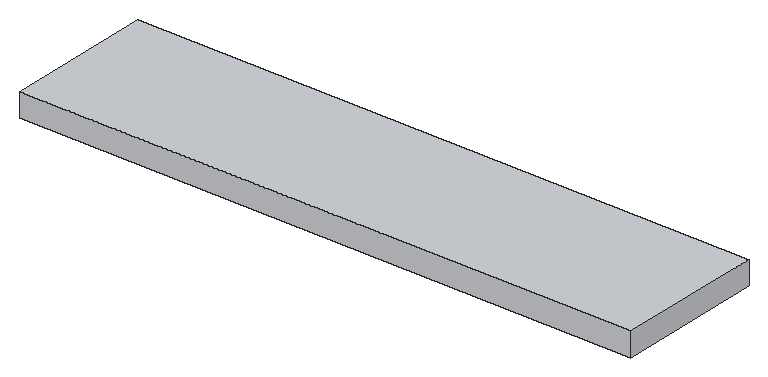
Revit family "Alcon-14054-6", category Lighting Fixtures, host Ceiling, Revit 2025
Family settings
  Host = Ceiling
  Round Connector Dimension = Use Diameter
  Part Type = Normal
  Always vertical = Yes
  Cut with Voids When Loaded = No
  Light Source = Yes
  Maintain Annotation Orientation = No
  Shared = No
  Room Calculation Point = No
Parameters (values of type "2'")
  Wattage = 9.2903 W
  built-in parameter 1150110 = 1 (stored number, unit not read)
  built-in parameter 1114217 = 1 (stored number, unit not read)
  built-in parameter 1150109 = 1 (stored number, unit not read)
  built-in parameter 1150134 = 3
  built-in parameter 1150113 = 1 (stored number, unit not read)
  built-in parameter 1150105 = 439.27 (stored number, unit not read)
  Lumens = 1380 lm
  built-in parameter 1150115 = 1 (stored number, unit not read)
  Light Source Symbol Size = 0' - 10 205/256"
  built-in parameter 1150137 = (empty or 0)
  built-in parameter 1150139 = (empty or 0)
  Length Dimension = 2' - 0"
  built-in parameter 1150112 = 1 (stored number, unit not read)
  built-in parameter 1150114 = 1 (stored number, unit not read)
  built-in parameter 1150132 = (empty or 0)
  built-in parameter 1150102 = (empty or 0)
  built-in parameter 1150107 = 3200 (stored number, unit not read)
  built-in parameter 1150138 = (empty or 0)
  built-in parameter 1150106 = 4.3927 (stored number, unit not read)
  Emit from Line Length = 2' - 0"
  built-in parameter 1150104 = 13.8 (stored number, unit not read)
  Dimming Lamp Color Temperature Shift = <None>
  Default Elevation = 0' - 0"
  Color Filter = 16777215
  built-in parameter 1114218 = 1 (stored number, unit not read)
  built-in parameter 1150133 = 10 (stored number, unit not read)
Types (3): name | Length Dimension
  (no name) | 2' - 0"
  2' | 2' - 0"
  4' | 4' - 0"
Reference planes (in)
  plane 1 "Center (Front/Back)": y = 0
  plane 2 "Ceiling": z = 96
  plane 3 "Center (Left/Right)": x = 0
Forms (in)
  Extrusion 1, solid
    sketch origin (0, 0, 96) x (1, 0, 0) y (0, 1, 0)
      loop
        line (0, -2.875) -> (24, -2.875) -> (24, 2.875) -> (0, 2.875) -> (0, -2.875)
    from 0 to -0.94141
  Extrusion 2, void
    sketch origin (0, 0, 95.05859) x (1, 0, 0) y (0, 1, 0)
      loop
        line (23.07422, -1.94922) -> (23.07422, 1.94922) -> (0.92578, 1.94922) -> (0.92578, -1.94922) -> (23.07422, -1.94922)
    from 0 to 0.5
  Extrusion 3, solid
    sketch origin (0, 0, 95.05859) x (0, 1, 0) y (1, 0, 0)
      loop
        line (-1.94922, 23.07422) -> (-1.94922, 0.92578) -> (1.94922, 0.92578) -> (1.94922, 23.07422) -> (-1.94922, 23.07422)
    from 0 to -0.125
Cuts and joins
  Extrusion 2 cuts Extrusion 1
Dimensions and locks (in)
  equal spacing: host sketch curve, plane 3 "Center (Left/Right)", host sketch curve
  equal spacing: host sketch curve, plane 1 "Center (Front/Back)", host sketch curve
  host sketch curve to host sketch curve = 10' - 0"  (x2)
  "Length Dimension": cut or joined group of Extrusion 1, Extrusion 2 to cut or joined group of Extrusion 1, Extrusion 2
Automatic sketch dimensions
  Extrusion 1 to Extrusion 2 sketch curve = 0' - 0 237/256"  (x4)
  Extrusion 1 to Extrusion 3 sketch curve = 0' - 0 237/256"  (x4)
  Extrusion 1 sketch curve to plane 3 "Center (Left/Right)" = 0' - 0"
  Extrusion 1 sketch curve to plane 1 "Center (Front/Back)" = 0' - 2 7/8"
  plane 3 "Center (Left/Right)" to Extrusion 1 sketch curve = 2' - 0"
  plane 1 "Center (Front/Back)" to Extrusion 1 sketch curve = 0' - 2 7/8"
